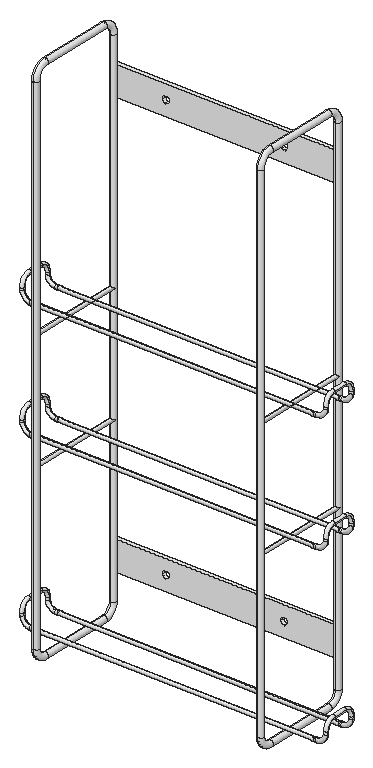
Revit family "Käsinepakkausteline", category Casework, Revit 2015
Parameters (values of type "9599")
  URL = "http://www.korpinen.com/"
  Type Comments = ""
  NominalLength = 0.0 mm
  NominalHeight = 0.0 mm
  NominalDepth = 0.0 mm
  Model = "Käsipakkausteline"
  Manufacturer = "Korpinen"
  Keynote = "9599"
  IfcExportType = ""
  IfcExportAs = ""
  IfcClassification = ""
  Depth = 87.0 mm
  Height = 455.0 mm
  Width = 260.0 mm
  Author = "ProdLib Oy"
Reference planes
  plane 1 "Back": y = -522.6
  plane 2: z = 0
  plane 3 "Center (Left/Right)": x = 18.738
  plane 4 "Left": x = -111.262
  plane 5 "Right": x = 148.738
  plane 6 "Front": y = -609.6
  plane 7 "Top": z = 455
  plane 8: x = -76.262
  plane 9: x = 113.738
  plane 10: z = 452.5
  plane 11: z = 2.5
  plane 12: y = -525.1
  plane 13: y = -607.1
  plane 14: y = -597.1
  plane 15: z = 442.5
  plane 16: z = 12.5
  plane 17: y = -535.1
  plane 18: z = 450
  plane 19: y = -597.1
  plane 20: z = 442.5
  plane 21: z = 12.5
  plane 22: y = -535.1
  plane 23: z = 450
  plane 24: z = 420
  plane 25: z = 250
  plane 26: z = 150
  plane 27: z = 395
  plane 28: z = 35
  plane 29: z = 60
  plane 30: z = 251.5
  plane 31: z = 151.5
  plane 32: z = 253
  plane 33: z = 153
  plane 34: y = -579.6
  plane 35: y = -552.6
  plane 36: z = 254.5
  plane 37: z = 154.5
  plane 38: x = -100.262
  plane 39: x = 137.738
  plane 40: z = 270
  plane 41: z = 260.5
  plane 42: x = -109.762
  plane 43: x = -109.762
  plane 44: x = -109.762
  plane 45: x = -109.762
  plane 46: x = 147.238
  plane 47: x = 147.238
  plane 48: x = 147.238
  plane 49: x = 147.238
  plane 50: y = -572.1
  plane 51: y = -560.1
  plane 52: y = -572.1
  plane 53: y = -560.1
  plane 54: y = -572.1
  plane 55: y = -560.1
  plane 56: y = -572.1
  plane 57: y = -560.1
  plane 58: z = 6.5
  plane 59: z = 8
  plane 60: x = -109.762
  plane 61: x = -109.762
  plane 62: x = 147.238
  plane 63: x = 147.238
  plane 64: y = -572.1
  plane 65: y = -560.1
  plane 66: y = -572.1
  plane 67: y = -560.1
  plane 68: x = -31.262
  plane 69: x = 68.738
  plane 70: z = 407.5
  plane 71: z = 47.5
  plane 72: x = -34.262
  plane 73: x = -28.262
  plane 74: x = 71.738
  plane 75: x = 65.738
Forms (mm)
  Sweep 1, solid, material "Aluminium"
    path origin (148.738, 0, 0) x (0, -1, 0) y (0, 0, 1)
      loop
        arc (535.1, 452.5) -> (528.029, 449.571) -> (525.1, 442.5) r 10
        line (525.1, 442.5) -> (525.1, 12.5)
        arc (525.1, 12.5) -> (528.029, 5.429) -> (535.1, 2.5) r 10
        line (535.1, 2.5) -> (597.1, 2.5)
        arc (597.1, 2.5) -> (604.171, 5.429) -> (607.1, 12.5) r 10
        line (607.1, 12.5) -> (607.1, 442.5)
        arc (607.1, 442.5) -> (604.171, 449.571) -> (597.1, 452.5) r 10
        line (597.1, 452.5) -> (535.1, 452.5)
    profile origin (148.738, -566.1, 452.5) x (0, 0, 1) y (-1, 0, 0)
      loop
        circle (0, 35) r 2.5
  Sweep 2, solid, material "Aluminium"
    path origin (148.738, 0, 0) x (0, -1, 0) y (0, 0, 1)
      loop
        arc (535.1, 452.5) -> (528.029, 449.571) -> (525.1, 442.5) r 10
        line (525.1, 442.5) -> (525.1, 12.5)
        arc (525.1, 12.5) -> (528.029, 5.429) -> (535.1, 2.5) r 10
        line (535.1, 2.5) -> (597.1, 2.5)
        arc (597.1, 2.5) -> (604.171, 5.429) -> (607.1, 12.5) r 10
        line (607.1, 12.5) -> (607.1, 442.5)
        arc (607.1, 442.5) -> (604.171, 449.571) -> (597.1, 452.5) r 10
        line (597.1, 452.5) -> (535.1, 452.5)
    profile origin (148.738, -566.1, 452.5) x (0, 0, 1) y (-1, 0, 0)
      loop
        circle (0, 225) r 2.5
  Extrusion 3, solid, material "Aluminium"
    sketch origin (0, -609.6, 0) x (1, 0, 0) y (0, 0, 1)
      loop
        line (-76.262, 420) -> (-76.262, 395) -> (113.738, 395) -> (113.738, 420) -> (-76.262, 420)
    from -87 to -84.5
  Extrusion 4, solid, material "Aluminium"
    sketch origin (0, -609.6, 0) x (1, 0, 0) y (0, 0, 1)
      loop
        line (-76.262, 60) -> (-76.262, 35) -> (113.738, 35) -> (113.738, 60) -> (-76.262, 60)
    from -87 to -84.5
  Sweep 5, solid, material "Aluminium"
    path origin (148.738, 0, 0) x (0, -1, 0) y (0, 0, 1)
      loop
        line (607.1, 250) -> (525.1, 250)
    profile origin (148.738, -566.1, 250) x (0, 0, -1) y (-1, 0, 0)
      loop
        circle (0, 35) r 1.5
  Sweep 6, solid, material "Aluminium"
    path origin (148.738, 0, 0) x (0, -1, 0) y (0, 0, 1)
      loop
        line (525.1, 150) -> (607.1, 150)
    profile origin (148.738, -566.1, 150) x (0, 0, 1) y (-1, 0, 0)
      loop
        circle (0, 35) r 1.5
  Sweep 7, solid, material "Aluminium"
    path origin (-41.262, 0, 0) x (0, -1, 0) y (0, 0, 1)
      loop
        line (525.1, 150) -> (607.1, 150)
    profile origin (-41.262, -566.1, 150) x (0, 0, 1) y (-1, 0, 0)
      loop
        circle (0, 35) r 1.5
  Sweep 8, solid, material "Aluminium"
    path origin (-41.262, 0, 0) x (0, -1, 0) y (0, 0, 1)
      loop
        line (607.1, 250) -> (525.1, 250)
    profile origin (-41.262, -566.1, 250) x (0, 0, -1) y (-1, 0, 0)
      loop
        circle (0, 35) r 1.5
  Extrusion 9, solid, material "Aluminium"
    sketch origin (148.738, 0, 0) x (0, -1, 0) y (0, 0, 1)
      loop
        circle (579.6, 253) r 1.5
      loop
        circle (552.6, 253) r 1.5
      loop
        circle (579.6, 153) r 1.5
      loop
        circle (552.6, 153) r 1.5
      loop
        circle (579.6, 6.5) r 1.5
      loop
        circle (552.6, 6.5) r 1.5
    from 11 to 249
  Sweep 10, solid, material "Aluminium"
    path origin (0, -609.6, 0) x (1, 0, 0) y (0, 0, 1)
      loop
        line (-100.262, 253) -> (-102.262, 253)
        arc (-102.262, 253) -> (-107.566, 255.197) -> (-109.762, 260.5) r 7.5
    profile origin (-101.262, -609.6, 253) x (0, 0, -1) y (0, -1, 0)
      loop
        circle (0, -30) r 1.5
  Sweep 11, solid, material "Aluminium"
    path origin (0, -582.6, 0) x (1, 0, 0) y (0, 0, 1)
      loop
        line (-100.262, 253) -> (-102.262, 253)
        arc (-102.262, 253) -> (-107.566, 255.197) -> (-109.762, 260.5) r 7.5
    profile origin (-101.262, -582.6, 253) x (0, 0, -1) y (0, -1, 0)
      loop
        circle (0, -30) r 1.5
  Sweep 12, solid, material "Aluminium"
    path origin (0, -582.6, -100) x (1, 0, 0) y (0, 0, 1)
      loop
        line (-100.262, 253) -> (-102.262, 253)
        arc (-102.262, 253) -> (-107.566, 255.197) -> (-109.762, 260.5) r 7.5
    profile origin (-101.262, -582.6, 153) x (0, 0, -1) y (0, -1, 0)
      loop
        circle (0, -30) r 1.5
  Sweep 13, solid, material "Aluminium"
    path origin (0, -609.6, -100) x (1, 0, 0) y (0, 0, 1)
      loop
        line (-100.262, 253) -> (-102.262, 253)
        arc (-102.262, 253) -> (-107.566, 255.197) -> (-109.762, 260.5) r 7.5
    profile origin (-101.262, -609.6, 153) x (0, 0, -1) y (0, -1, 0)
      loop
        circle (0, -30) r 1.5
  Sweep 14, solid, material "Aluminium"
    path origin (0, -609.6, 0) x (1, 0, 0) y (0, 0, 1)
      loop
        line (137.738, 253) -> (139.738, 253)
        arc (139.738, 253) -> (145.041, 255.197) -> (147.238, 260.5) r 7.5
    profile origin (138.738, -609.6, 253) x (0, 0, 1) y (0, -1, 0)
      loop
        circle (0, -57) r 1.5
  Sweep 15, solid, material "Aluminium"
    path origin (0, -636.6, 0) x (1, 0, 0) y (0, 0, 1)
      loop
        line (137.738, 253) -> (139.738, 253)
        arc (139.738, 253) -> (145.041, 255.197) -> (147.238, 260.5) r 7.5
    profile origin (138.738, -636.6, 253) x (0, 0, 1) y (0, -1, 0)
      loop
        circle (0, -57) r 1.5
  Sweep 16, solid, material "Aluminium"
    path origin (0, -636.6, -100) x (1, 0, 0) y (0, 0, 1)
      loop
        line (137.738, 253) -> (139.738, 253)
        arc (139.738, 253) -> (145.041, 255.197) -> (147.238, 260.5) r 7.5
    profile origin (138.738, -636.6, 153) x (0, 0, 1) y (0, -1, 0)
      loop
        circle (0, -57) r 1.5
  Sweep 17, solid, material "Aluminium"
    path origin (0, -609.6, -100) x (1, 0, 0) y (0, 0, 1)
      loop
        line (137.738, 253) -> (139.738, 253)
        arc (139.738, 253) -> (145.041, 255.197) -> (147.238, 260.5) r 7.5
    profile origin (138.738, -609.6, 153) x (0, 0, 1) y (0, -1, 0)
      loop
        circle (0, -57) r 1.5
  Sweep 18, solid, material "Aluminium"
    path origin (148.738, 0, 0) x (0, -1, 0) y (0, 0, 1)
      loop
        line (579.6, 260.5) -> (579.6, 262.5)
        arc (579.6, 262.5) -> (577.403, 267.803) -> (572.1, 270) r 7.5
        line (572.1, 270) -> (560.1, 270)
        arc (560.1, 270) -> (554.797, 267.803) -> (552.6, 262.5) r 7.5
        line (552.6, 262.5) -> (552.6, 260.5)
    profile origin (148.738, -579.6, 261.5) x (0, 1, 0) y (-1, 0, 0)
      loop
        circle (0, 1.5) r 1.5
  Sweep 19, solid, material "Aluminium"
    path origin (148.738, 0, -100) x (0, -1, 0) y (0, 0, 1)
      loop
        line (579.6, 260.5) -> (579.6, 262.5)
        arc (579.6, 262.5) -> (577.403, 267.803) -> (572.1, 270) r 7.5
        line (572.1, 270) -> (560.1, 270)
        arc (560.1, 270) -> (554.797, 267.803) -> (552.6, 262.5) r 7.5
        line (552.6, 262.5) -> (552.6, 260.5)
    profile origin (148.738, -579.6, 161.5) x (0, 1, 0) y (-1, 0, 0)
      loop
        circle (0, 1.5) r 1.5
  Sweep 20, solid, material "Aluminium"
    path origin (-108.262, 0, 0) x (0, -1, 0) y (0, 0, 1)
      loop
        line (579.6, 260.5) -> (579.6, 262.5)
        arc (579.6, 262.5) -> (577.403, 267.803) -> (572.1, 270) r 7.5
        line (572.1, 270) -> (560.1, 270)
        arc (560.1, 270) -> (554.797, 267.803) -> (552.6, 262.5) r 7.5
        line (552.6, 262.5) -> (552.6, 260.5)
    profile origin (-108.262, -579.6, 261.5) x (0, 1, 0) y (-1, 0, 0)
      loop
        circle (0, 1.5) r 1.5
  Sweep 21, solid, material "Aluminium"
    path origin (-108.262, 0, -100) x (0, -1, 0) y (0, 0, 1)
      loop
        line (579.6, 260.5) -> (579.6, 262.5)
        arc (579.6, 262.5) -> (577.403, 267.803) -> (572.1, 270) r 7.5
        line (572.1, 270) -> (560.1, 270)
        arc (560.1, 270) -> (554.797, 267.803) -> (552.6, 262.5) r 7.5
        line (552.6, 262.5) -> (552.6, 260.5)
    profile origin (-108.262, -579.6, 161.5) x (0, 1, 0) y (-1, 0, 0)
      loop
        circle (0, 1.5) r 1.5
  Sweep 22, solid, material "Aluminium"
    path origin (0, -582.6, -246.5) x (1, 0, 0) y (0, 0, 1)
      loop
        line (-100.262, 253) -> (-102.262, 253)
        arc (-102.262, 253) -> (-107.566, 255.197) -> (-109.762, 260.5) r 7.5
    profile origin (-101.262, -582.6, 6.5) x (0, 0, -1) y (0, -1, 0)
      loop
        circle (0, -30) r 1.5
  Sweep 23, solid, material "Aluminium"
    path origin (0, -609.6, -246.5) x (1, 0, 0) y (0, 0, 1)
      loop
        line (-100.262, 253) -> (-102.262, 253)
        arc (-102.262, 253) -> (-107.566, 255.197) -> (-109.762, 260.5) r 7.5
    profile origin (-101.262, -609.6, 6.5) x (0, 0, -1) y (0, -1, 0)
      loop
        circle (0, -30) r 1.5
  Sweep 24, solid, material "Aluminium"
    path origin (0, -636.6, -246.5) x (1, 0, 0) y (0, 0, 1)
      loop
        line (137.738, 253) -> (139.738, 253)
        arc (139.738, 253) -> (145.041, 255.197) -> (147.238, 260.5) r 7.5
    profile origin (138.738, -636.6, 6.5) x (0, 0, 1) y (0, -1, 0)
      loop
        circle (0, -57) r 1.5
  Sweep 25, solid, material "Aluminium"
    path origin (0, -609.6, -246.5) x (1, 0, 0) y (0, 0, 1)
      loop
        line (137.738, 253) -> (139.738, 253)
        arc (139.738, 253) -> (145.041, 255.197) -> (147.238, 260.5) r 7.5
    profile origin (138.738, -609.6, 6.5) x (0, 0, 1) y (0, -1, 0)
      loop
        circle (0, -57) r 1.5
  Sweep 26, solid, material "Aluminium"
    path origin (148.738, 0, -246.5) x (0, -1, 0) y (0, 0, 1)
      loop
        line (579.6, 260.5) -> (579.6, 262.5)
        arc (579.6, 262.5) -> (577.403, 267.803) -> (572.1, 270) r 7.5
        line (572.1, 270) -> (560.1, 270)
        arc (560.1, 270) -> (554.797, 267.803) -> (552.6, 262.5) r 7.5
        line (552.6, 262.5) -> (552.6, 260.5)
    profile origin (148.738, -579.6, 15) x (0, 1, 0) y (-1, 0, 0)
      loop
        circle (0, 1.5) r 1.5
  Sweep 27, solid, material "Aluminium"
    path origin (-108.262, 0, -246.5) x (0, -1, 0) y (0, 0, 1)
      loop
        line (579.6, 260.5) -> (579.6, 262.5)
        arc (579.6, 262.5) -> (577.403, 267.803) -> (572.1, 270) r 7.5
        line (572.1, 270) -> (560.1, 270)
        arc (560.1, 270) -> (554.797, 267.803) -> (552.6, 262.5) r 7.5
        line (552.6, 262.5) -> (552.6, 260.5)
    profile origin (-108.262, -579.6, 15) x (0, 1, 0) y (-1, 0, 0)
      loop
        circle (0, 1.5) r 1.5
  Extrusion 28, void
    sketch origin (0, -609.6, 0) x (1, 0, 0) y (0, 0, 1)
      loop
        circle (-31.262, 407.5) r 3
      loop
        circle (68.738, 407.5) r 3
      loop
        circle (-31.262, 47.5) r 3
      loop
        circle (68.738, 47.5) r 3
    from -87 to -84.5
Cuts and joins
  Extrusion 28 cuts Extrusion 3
  Extrusion 28 cuts Extrusion 4
Lines and regions (mm)
  symbolic lines
    curve 1: arc (-76.262, -609.6, 0) -> (-74.495, -609.6, 0.732) -> (-73.762, -609.6, 2.5) r 2.5
    curve 2: arc (-76.262, -609.6, 0) -> (-78.03, -609.6, 0.732) -> (-78.762, -609.6, 2.5) r 2.5
    curve 3: arc (-76.262, -609.6, 455) -> (-78.03, -609.6, 454.268) -> (-78.762, -609.6, 452.5) r 2.5
    curve 4: arc (-76.262, -609.6, 455) -> (-74.495, -609.6, 454.268) -> (-73.762, -609.6, 452.5) r 2.5
    curve 5: arc (113.738, -609.6, 455) -> (111.97, -609.6, 454.268) -> (111.238, -609.6, 452.5) r 2.5
    curve 6: arc (113.738, -609.6, 455) -> (115.505, -609.6, 454.268) -> (116.238, -609.6, 452.5) r 2.5
    curve 7: arc (113.738, -609.6, 0) -> (115.505, -609.6, 0.732) -> (116.238, -609.6, 2.5) r 2.5
    curve 8: arc (113.738, -609.6, 0) -> (111.97, -609.6, 0.732) -> (111.238, -609.6, 2.5) r 2.5
    curve 9: line (-78.762, -609.6, 2.5) -> (-78.762, -609.6, 452.5)
    curve 10: line (-73.762, -609.6, 452.5) -> (-73.762, -609.6, 2.5)
    curve 11: line (111.238, -609.6, 2.5) -> (111.238, -609.6, 452.5)
    curve 12: line (116.238, -609.6, 452.5) -> (116.238, -609.6, 2.5)
    curve 13: line (-73.762, -609.6, 60) -> (111.238, -609.6, 60)
    curve 14: line (111.238, -609.6, 35) -> (-73.762, -609.6, 35)
    curve 15: arc (-34.262, -609.6, 47.5) -> (-31.262, -609.6, 44.5) -> (-28.262, -609.6, 47.5) r 3
    curve 16: arc (-28.262, -609.6, 47.5) -> (-31.262, -609.6, 50.5) -> (-34.262, -609.6, 47.5) r 3
    curve 17: arc (71.738, -609.6, 47.5) -> (68.738, -609.6, 44.5) -> (65.738, -609.6, 47.5) r 3
    curve 18: arc (65.738, -609.6, 47.5) -> (68.738, -609.6, 50.5) -> (71.738, -609.6, 47.5) r 3
    curve 19: line (-111.262, -609.6, 14) -> (-108.262, -609.6, 14)
    curve 20: line (-108.262, -609.6, 14) -> (-108.262, -609.6, 23.528)
    curve 21: arc (-108.262, -609.6, 23.528) -> (-109.762, -609.6, 25.028) -> (-111.262, -609.6, 23.528) r 1.5
    curve 22: line (-111.262, -609.6, 23.528) -> (-111.262, -609.6, 14)
    curve 23: arc (-108.262, -609.6, 14) -> (-106.505, -609.6, 9.757) -> (-102.262, -609.6, 8) r 6
    curve 24: line (-102.262, -609.6, 8) -> (-78.762, -609.6, 8)
    curve 25: arc (-111.262, -609.6, 14) -> (-108.626, -609.6, 7.636) -> (-102.262, -609.6, 5) r 9
    curve 26: line (-102.262, -609.6, 5) -> (-78.762, -609.6, 5)
    curve 27: line (-73.762, -609.6, 8) -> (111.238, -609.6, 8)
    curve 28: line (145.738, -609.6, 14) -> (148.738, -609.6, 14)
    curve 29: line (148.738, -609.6, 14) -> (148.738, -609.6, 23.456)
    curve 30: arc (148.738, -609.6, 23.456) -> (147.238, -609.6, 24.956) -> (145.738, -609.6, 23.456) r 1.5
    curve 31: line (145.738, -609.6, 23.456) -> (145.738, -609.6, 14)
    curve 32: arc (145.738, -609.6, 14) -> (143.98, -609.6, 9.757) -> (139.738, -609.6, 8) r 6
    curve 33: line (139.738, -609.6, 8) -> (116.238, -609.6, 8)
    curve 34: arc (148.738, -609.6, 14) -> (146.102, -609.6, 7.636) -> (139.738, -609.6, 5) r 9
    curve 35: line (139.738, -609.6, 5) -> (116.238, -609.6, 5)
    curve 36: line (111.238, -609.6, 5) -> (-73.762, -609.6, 5)
    curve 37: line (-73.762, -609.6, 420) -> (111.238, -609.6, 420)
    curve 38: line (-73.762, -609.6, 395) -> (111.238, -609.6, 395)
    curve 39: arc (-34.262, -609.6, 407.5) -> (-31.262, -609.6, 404.5) -> (-28.262, -609.6, 407.5) r 3
    curve 40: arc (-28.262, -609.6, 407.5) -> (-31.262, -609.6, 410.5) -> (-34.262, -609.6, 407.5) r 3
    curve 41: arc (65.738, -609.6, 407.5) -> (68.738, -609.6, 404.5) -> (71.738, -609.6, 407.5) r 3
    curve 42: arc (71.738, -609.6, 407.5) -> (68.738, -609.6, 410.5) -> (65.738, -609.6, 407.5) r 3
    curve 43: line (148.738, -609.6, 160.5) -> (145.738, -609.6, 160.5)
    curve 44: line (145.738, -609.6, 160.5) -> (145.738, -609.6, 170.013)
    curve 45: arc (145.738, -609.6, 170.013) -> (147.238, -609.6, 171.513) -> (148.738, -609.6, 170.013) r 1.5
    curve 46: line (148.738, -609.6, 170.013) -> (148.738, -609.6, 160.5)
    curve 47: arc (145.738, -609.6, 160.5) -> (143.98, -609.6, 156.257) -> (139.738, -609.6, 154.5) r 6
    curve 48: line (139.738, -609.6, 154.5) -> (116.238, -609.6, 154.5)
    curve 49: arc (148.738, -609.6, 160.5) -> (146.102, -609.6, 154.136) -> (139.738, -609.6, 151.5) r 9
    curve 50: line (139.738, -609.6, 151.5) -> (116.238, -609.6, 151.5)
    curve 51: line (139.738, -609.6, 154.5) -> (139.738, -609.6, 151.5)
    curve 52: line (139.738, -609.6, 8) -> (139.738, -609.6, 5)
    curve 53: line (-102.262, -609.6, 8) -> (-102.262, -609.6, 5)
    curve 54: line (-111.262, -609.6, 160.5) -> (-108.262, -609.6, 160.5)
    curve 55: line (-108.262, -609.6, 160.5) -> (-108.262, -609.6, 170.023)
    curve 56: arc (-108.262, -609.6, 170.023) -> (-109.762, -609.6, 171.523) -> (-111.262, -609.6, 170.023) r 1.5
    curve 57: line (-111.262, -609.6, 170.023) -> (-111.262, -609.6, 160.5)
    curve 58: arc (-108.262, -609.6, 160.5) -> (-106.505, -609.6, 156.257) -> (-102.262, -609.6, 154.5) r 6
    curve 59: line (-102.262, -609.6, 154.5) -> (-78.762, -609.6, 154.5)
    curve 60: arc (-111.262, -609.6, 160.5) -> (-108.626, -609.6, 154.136) -> (-102.262, -609.6, 151.5) r 9
    curve 61: line (-102.262, -609.6, 151.5) -> (-78.762, -609.6, 151.5)
    curve 62: line (-73.762, -609.6, 154.5) -> (111.238, -609.6, 154.5)
    curve 63: line (111.238, -609.6, 151.5) -> (-73.762, -609.6, 151.5)
    curve 64: line (-73.762, -609.6, 254.5) -> (111.238, -609.6, 254.5)
    curve 65: line (111.238, -609.6, 251.5) -> (-73.762, -609.6, 251.5)
    curve 66: line (-111.262, -609.6, 260.5) -> (-108.262, -609.6, 260.5)
    curve 67: line (-108.262, -609.6, 260.5) -> (-108.262, -609.6, 270)
    curve 68: arc (-108.262, -609.6, 270) -> (-109.762, -609.6, 271.5) -> (-111.262, -609.6, 270) r 1.5
    curve 69: line (-111.262, -609.6, 270) -> (-111.262, -609.6, 260.5)
    curve 70: arc (-108.262, -609.6, 260.5) -> (-106.505, -609.6, 256.257) -> (-102.262, -609.6, 254.5) r 6
    curve 71: line (-102.262, -609.6, 254.5) -> (-78.762, -609.6, 254.5)
    curve 72: arc (-111.262, -609.6, 260.5) -> (-108.626, -609.6, 254.136) -> (-102.262, -609.6, 251.5) r 9
    curve 73: line (-102.262, -609.6, 251.5) -> (-78.762, -609.6, 251.5)
    curve 74: line (145.738, -609.6, 260.5) -> (148.738, -609.6, 260.5)
    curve 75: line (148.738, -609.6, 260.5) -> (148.738, -609.6, 270)
    curve 76: arc (148.738, -609.6, 270) -> (147.238, -609.6, 271.5) -> (145.738, -609.6, 270) r 1.5
    curve 77: line (145.738, -609.6, 270) -> (145.738, -609.6, 260.5)
    curve 78: arc (145.738, -609.6, 260.5) -> (143.98, -609.6, 256.257) -> (139.738, -609.6, 254.5) r 6
    curve 79: line (139.738, -609.6, 254.5) -> (116.238, -609.6, 254.5)
    curve 80: arc (148.738, -609.6, 260.5) -> (146.102, -609.6, 254.136) -> (139.738, -609.6, 251.5) r 9
    curve 81: line (139.738, -609.6, 251.5) -> (116.238, -609.6, 251.5)
    curve 82: line (139.738, -609.6, 254.5) -> (139.738, -609.6, 251.5)
    curve 83: line (-102.262, -609.6, 254.5) -> (-102.262, -609.6, 251.5)
    curve 84: line (-102.262, -609.6, 154.5) -> (-102.262, -609.6, 151.5)
    curve 85: arc (148.738, -581.1, 6.5) -> (148.738, -579.6, 5) -> (148.738, -578.1, 6.5) r 1.5
    curve 86: line (148.738, -578.1, 6.5) -> (148.738, -578.1, 14)
    curve 87: arc (148.738, -554.1, 6.5) -> (148.738, -552.6, 5) -> (148.738, -551.1, 6.5) r 1.5
    curve 88: line (148.738, -551.1, 6.5) -> (148.738, -551.1, 14)
    curve 89: line (148.738, -551.1, 14) -> (148.738, -554.1, 14)
    curve 90: line (148.738, -554.1, 14) -> (148.738, -554.1, 6.5)
    curve 91: line (148.738, -578.1, 14) -> (148.738, -581.1, 14)
    curve 92: line (148.738, -581.1, 14) -> (148.738, -581.1, 6.5)
    curve 93: line (148.738, -578.1, 14) -> (148.738, -578.1, 15.997)
    curve 94: arc (148.738, -578.1, 15.997) -> (148.738, -576.341, 20.243) -> (148.738, -572.096, 22.001) r 6.004
    curve 95: line (148.738, -554.1, 14) -> (148.738, -554.1, 16.01)
    curve 96: arc (148.738, -554.1, 16.01) -> (148.738, -555.855, 20.247) -> (148.738, -560.092, 22.001) r 5.992
    curve 97: line (148.738, -560.092, 22.001) -> (148.738, -572.096, 22.001)
    curve 98: line (148.738, -581.1, 14) -> (148.738, -581.1, 15.972)
    curve 99: arc (148.738, -581.1, 15.972) -> (148.738, -578.462, 22.34) -> (148.738, -572.094, 24.978) r 9.006
    curve 100: line (148.738, -551.1, 14) -> (148.738, -551.1, 15.98)
    curve 101: arc (148.738, -551.1, 15.98) -> (148.738, -553.735, 22.343) -> (148.738, -560.097, 24.978) r 8.997
    curve 102: line (148.738, -560.097, 24.978) -> (148.738, -572.094, 24.978)
    curve 103: line (148.738, -578.1, 153) -> (148.738, -578.1, 160.5)
    curve 104: line (148.738, -578.1, 160.5) -> (148.738, -581.1, 160.5)
    curve 105: line (148.738, -581.1, 160.5) -> (148.738, -581.1, 153)
    curve 106: arc (148.738, -581.1, 153) -> (148.738, -579.6, 151.5) -> (148.738, -578.1, 153) r 1.5
    curve 107: arc (148.738, -554.1, 153) -> (148.738, -552.6, 151.5) -> (148.738, -551.1, 153) r 1.5
    curve 108: line (148.738, -551.1, 153) -> (148.738, -551.1, 160.5)
    curve 109: line (148.738, -551.1, 160.5) -> (148.738, -554.1, 160.5)
    curve 110: line (148.738, -554.1, 160.5) -> (148.738, -554.1, 153)
    curve 111: line (148.738, -554.1, 160.5) -> (148.738, -554.1, 162.486)
    curve 112: arc (148.738, -554.1, 162.486) -> (148.738, -555.864, 166.746) -> (148.738, -560.124, 168.51) r 6.024
    curve 113: line (148.738, -578.1, 160.5) -> (148.738, -578.1, 162.531)
    curve 114: arc (148.738, -578.1, 162.531) -> (148.738, -576.349, 166.759) -> (148.738, -572.121, 168.51) r 5.979
    curve 115: line (148.738, -572.121, 168.51) -> (148.738, -560.124, 168.51)
    curve 116: line (148.738, -581.1, 160.5) -> (148.738, -581.1, 162.531)
    curve 117: arc (148.738, -581.1, 162.531) -> (148.738, -578.469, 168.882) -> (148.738, -572.118, 171.513) r 8.982
    curve 118: line (148.738, -551.1, 160.5) -> (148.738, -551.1, 162.473)
    curve 119: arc (148.738, -551.1, 162.473) -> (148.738, -553.748, 168.865) -> (148.738, -560.14, 171.513) r 9.04
    curve 120: line (148.738, -560.14, 171.513) -> (148.738, -572.118, 171.513)
    curve 121: line (148.738, -581.1, 253) -> (148.738, -581.1, 260.5)
    curve 122: line (148.738, -581.1, 260.5) -> (148.738, -578.1, 260.5)
    curve 123: line (148.738, -578.1, 260.5) -> (148.738, -578.1, 253)
    curve 124: arc (148.738, -578.1, 253) -> (148.738, -579.6, 251.5) -> (148.738, -581.1, 253) r 1.5
    curve 125: arc (148.738, -554.1, 253) -> (148.738, -552.6, 251.5) -> (148.738, -551.1, 253) r 1.5
    curve 126: line (148.738, -551.1, 253) -> (148.738, -551.1, 260.5)
    curve 127: line (148.738, -551.1, 260.5) -> (148.738, -554.1, 260.5)
    curve 128: line (148.738, -554.1, 260.5) -> (148.738, -554.1, 253)
    curve 129: line (148.738, -554.1, 260.5) -> (148.738, -554.1, 262.513)
    curve 130: arc (148.738, -554.1, 262.513) -> (148.738, -555.848, 266.733) -> (148.738, -560.068, 268.481) r 5.968
    curve 131: line (148.738, -578.1, 260.5) -> (148.738, -578.1, 262.502)
    curve 132: arc (148.738, -578.1, 262.502) -> (148.738, -576.349, 266.73) -> (148.738, -572.121, 268.481) r 5.979
    curve 133: line (148.738, -572.121, 268.481) -> (148.738, -560.068, 268.481)
    curve 134: line (148.738, -551.1, 260.5) -> (148.738, -551.1, 262.464)
    curve 135: arc (148.738, -551.1, 262.464) -> (148.738, -553.756, 268.877) -> (148.738, -560.169, 271.533) r 9.069
    curve 136: line (148.738, -581.1, 260.5) -> (148.738, -581.1, 262.502)
    curve 137: arc (148.738, -581.1, 262.502) -> (148.738, -578.455, 268.888) -> (148.738, -572.069, 271.533) r 9.031
    curve 138: line (148.738, -572.069, 271.533) -> (148.738, -560.169, 271.533)
    curve 139: line (148.738, -552.6, 5) -> (148.738, -535.132, 5)
    curve 140: arc (148.738, -535.132, 5) -> (148.738, -529.83, 7.196) -> (148.738, -527.634, 12.498) r 7.498
    curve 141: line (148.738, -527.634, 12.498) -> (148.738, -527.634, 148.477)
    curve 142: line (148.738, -527.634, 148.477) -> (148.738, -604.598, 148.477)
    curve 143: line (148.738, -604.598, 148.477) -> (148.738, -604.598, 12.798)
    curve 144: arc (148.738, -604.598, 12.798) -> (148.738, -602.319, 7.295) -> (148.738, -596.816, 5.016) r 7.782
    curve 145: line (148.738, -596.816, 5.016) -> (148.738, -552.601, 5)
    curve 146: line (148.738, -552.6, 0) -> (148.738, -535.039, 0)
    curve 147: arc (148.738, -535.039, 0) -> (148.738, -526.243, 3.643) -> (148.738, -522.6, 12.439) r 12.439
    curve 148: line (148.738, -522.6, 12.439) -> (148.738, -522.6, 442.439)
    curve 149: arc (148.738, -522.6, 442.439) -> (148.738, -526.279, 451.321) -> (148.738, -535.161, 455) r 12.561
    curve 150: line (148.738, -535.161, 455) -> (148.738, -597.646, 455)
    curve 151: arc (148.738, -597.646, 455) -> (148.738, -606.099, 451.499) -> (148.738, -609.6, 443.046) r 11.954
    curve 152: line (148.738, -609.6, 443.046) -> (148.738, -609.6, 11.874)
    curve 153: arc (148.738, -609.6, 11.874) -> (148.738, -606.122, 3.478) -> (148.738, -597.726, 0) r 11.874
    curve 154: line (148.738, -597.726, 0) -> (148.738, -552.6, 0)
    curve 155: line (148.738, -604.597, 151.5) -> (148.738, -527.6, 151.5)
    curve 156: line (148.738, -527.6, 151.5) -> (148.738, -527.6, 248.461)
    curve 157: line (148.738, -527.6, 248.461) -> (148.738, -604.597, 248.461)
    curve 158: line (148.738, -604.597, 248.461) -> (148.738, -604.597, 151.5)
    curve 159: line (148.738, -604.585, 251.5) -> (148.738, -527.602, 251.5)
    curve 160: line (148.738, -527.602, 251.5) -> (148.738, -527.602, 441.5)
    curve 161: arc (148.738, -527.602, 441.5) -> (148.738, -530.093, 447.515) -> (148.738, -536.108, 450.006) r 8.506
    curve 162: line (148.738, -536.108, 450.006) -> (148.738, -597.081, 450.006)
    curve 163: arc (148.738, -597.081, 450.006) -> (148.738, -602.387, 447.809) -> (148.738, -604.585, 442.503) r 7.503
    curve 164: line (148.738, -604.585, 442.503) -> (148.738, -604.585, 251.5)
    curve 165: arc (-76.262, -609.6, 0) -> (-74.495, -608.868, 0) -> (-73.762, -607.1, 0) r 2.5
    curve 166: arc (-76.262, -609.6, 0) -> (-78.03, -608.868, 0) -> (-78.762, -607.1, 0) r 2.5
    curve 167: arc (113.738, -609.6, 0) -> (115.505, -608.868, 0) -> (116.238, -607.1, 0) r 2.5
    curve 168: arc (113.738, -609.6, 0) -> (111.97, -608.868, 0) -> (111.238, -607.1, 0) r 2.5
    curve 169: arc (113.738, -522.6, 0) -> (115.505, -523.332, 0) -> (116.238, -525.1, 0) r 2.5
    curve 170: arc (-76.262, -522.6, 0) -> (-78.03, -523.332, 0) -> (-78.762, -525.1, 0) r 2.5
    curve 171: line (111.238, -607.1, 0) -> (111.238, -525.1, 0)
    curve 172: line (-73.762, -607.1, 0) -> (-73.762, -525.1, 0)
    curve 173: line (-73.762, -525.1, 0) -> (111.238, -525.1, 0)
    curve 174: line (113.738, -522.6, 0) -> (-76.262, -522.6, 0)
    curve 175: line (-78.762, -525.1, 0) -> (-78.762, -607.1, 0)
    curve 176: line (116.238, -607.1, 0) -> (116.238, -525.1, 0)
    curve 177: line (147.238, -551.1, 0) -> (116.238, -551.1, 0)
    curve 178: line (147.238, -581.1, 0) -> (116.238, -581.1, 0)
    curve 179: line (-111.262, -552.6, 0) -> (-111.262, -579.6, 0)
    curve 180: arc (-111.262, -579.6, 0) -> (-109.762, -581.1, 0) -> (-108.262, -579.6, 0) r 1.5
    curve 181: line (-108.262, -579.6, 0) -> (-108.262, -552.6, 0)
    curve 182: arc (-108.262, -552.6, 0) -> (-109.762, -551.1, 0) -> (-111.262, -552.6, 0) r 1.5
    curve 183: arc (145.738, -552.6, 0) -> (147.238, -551.1, 0) -> (148.738, -552.6, 0) r 1.5
    curve 184: line (148.738, -552.6, 0) -> (148.738, -579.6, 0)
    curve 185: arc (148.738, -579.6, 0) -> (147.238, -581.1, 0) -> (145.738, -579.6, 0) r 1.5
    curve 186: line (145.738, -579.6, 0) -> (145.738, -552.6, 0)
    curve 187: line (137.738, -551.1, 0) -> (137.738, -554.1, 0)
    curve 188: line (137.738, -554.1, 0) -> (116.238, -554.1, 0)
    curve 189: line (137.738, -554.1, 0) -> (145.738, -554.1, 0)
    curve 190: line (137.738, -581.1, 0) -> (137.738, -578.1, 0)
    curve 191: line (137.738, -578.1, 0) -> (116.238, -578.1, 0)
    curve 192: line (137.738, -578.1, 0) -> (145.738, -578.1, 0)
    curve 193: line (-100.262, -551.1, 0) -> (-100.262, -554.1, 0)
    curve 194: line (-100.262, -554.1, 0) -> (-78.762, -554.1, 0)
    curve 195: line (-100.262, -554.1, 0) -> (-108.262, -554.1, 0)
    curve 196: line (-100.262, -581.1, 0) -> (-100.262, -578.1, 0)
    curve 197: line (-100.262, -578.1, 0) -> (-78.762, -578.1, 0)
    curve 198: line (-100.262, -578.1, 0) -> (-108.262, -578.1, 0)
    curve 199: line (-109.762, -581.1, 0) -> (-78.762, -581.1, 0)
    curve 200: line (-109.762, -551.1, 0) -> (-78.762, -551.1, 0)
    curve 201: line (-73.762, -551.1, 0) -> (111.238, -551.1, 0)
    curve 202: line (111.238, -554.1, 0) -> (-73.762, -554.1, 0)
    curve 203: line (-73.762, -578.1, 0) -> (111.238, -578.1, 0)
    curve 204: line (111.238, -581.1, 0) -> (-73.762, -581.1, 0)
Dimensions and locks
  "Depth": plane 6 "Front" to plane 1 "Back"
  "Width": plane 4 "Left" to plane 5 "Right"
  equal spacing: plane 4 "Left", plane 3 "Center (Left/Right)", plane 5 "Right"
  "Height": level to plane 7 "Top"
  locked: plane 4 "Left" to plane 8 at 35
  locked: plane 9 to plane 5 "Right" at 35
  locked: plane 10 to plane 7 "Top" at 2.5
  locked: plane 11 to plane 2 at 2.5
  locked: plane 12 to plane 1 "Back" at 2.5
  locked: plane 6 "Front" to plane 13 at 2.5
  locked: plane 13 to plane 14 at 10
  locked: plane 17 to plane 12 at 10
  locked: plane 15 to plane 10 at 10
  locked: plane 16 to plane 11 at 10
  locked: plane 10 to plane 18 at 2.5
  locked: plane 24 to plane 7 "Top" at 35
  locked: plane 26 to plane 2 at 150
  locked: plane 26 to plane 25 at 100
  locked: plane 24 to plane 27 at 25
  locked: plane 29 to plane 28 at 25
  locked: plane 2 to plane 28 at 35
  level to Extrusion 4 = 60.0 mm
  locked: plane 31 to plane 30 at 100
  locked: plane 33 to plane 32 at 100
  locked: plane 34 to plane 35 at 27
  locked: plane 6 "Front" to plane 34 at 30
  locked: plane 37 to plane 36 at 100
  locked: plane 39 to plane 5 "Right" at 11
  plane 4 "Left" to plane 38 = 11.0 mm
  plane 36 to plane 32 to plane 30 = 1.5 mm locked, 1.5 mm locked
  plane 37 to plane 33 to plane 31 = 1.5 mm, 1.5 mm
  plane 40 to plane 32 = 17.0 mm
  plane 41 to plane 32 = 7.5 mm
  plane 42 to plane 4 "Left" = 1.5 mm
  locked: plane 5 "Right" to plane 46 at 1.5
  locked: plane 58 to plane 59 at 1.5
  locked: plane 58 to plane 11 at 4
  plane 69 to plane 3 "Center (Left/Right)" to plane 68 = 50.0 mm locked, 50.0 mm locked
  locked: plane 29 to plane 71 at 12.5
  locked: plane 24 to plane 70 at 12.5
  aligned and locked: plane 2 to level
  aligned and locked: plane 7 "Top" to Sweep 1 sketch curve
  aligned and locked: plane 18 to Sweep 1 sketch curve
  aligned and locked: plane 9 to Sweep 1 sketch curve  (x2)
  aligned and locked: Sweep 2 sketch curve to plane 23
  aligned and locked: plane 8 to Sweep 2 sketch curve  (x2)
  aligned and locked: plane 7 "Top" to Sweep 2 sketch curve
  aligned and locked: plane 24 to Extrusion 3
  aligned and locked: Extrusion 3 to plane 27
  aligned and locked: Extrusion 3 to plane 9
  aligned and locked: Extrusion 3 to plane 8
  aligned and locked: Extrusion 4 sketch curve to plane 29
  aligned and locked: plane 8 to Extrusion 4 sketch curve
  aligned and locked: Extrusion 4 sketch curve to plane 28
  aligned and locked: plane 9 to Extrusion 4 sketch curve
  aligned and locked: plane 9 to Sweep 5 sketch curve  (x2)
  aligned and locked: plane 9 to Sweep 6 sketch curve  (x2)
  aligned and locked: plane 8 to Sweep 8 sketch curve  (x2)
  aligned and locked: plane 8 to Sweep 7 sketch curve  (x2)
  aligned and locked: plane 35 to Extrusion 9 sketch curve  (x4)
  aligned and locked: plane 37 to Extrusion 9 sketch curve  (x2)
  aligned and locked: plane 31 to Extrusion 9 sketch curve  (x2)
  aligned and locked: plane 34 to Extrusion 9 sketch curve  (x4)
  aligned and locked: plane 30 to Extrusion 9 sketch curve  (x2)
  aligned and locked: plane 36 to Extrusion 9 sketch curve  (x2)
  aligned and locked: Extrusion 9 to plane 38
  aligned and locked: Extrusion 9 to plane 39
  aligned and locked: Extrusion 3 to plane 1 "Back"
  aligned and locked: Extrusion 3 to plane 12
  aligned and locked: Extrusion 4 to plane 12
  aligned and locked: Extrusion 4 to plane 1 "Back"
  aligned and locked: Extrusion 28 to plane 1 "Back"
  aligned and locked: Extrusion 28 to plane 12
Automatic sketch dimensions
  Sweep 1 sketch curve to plane 12 = 0.0 mm
  Sweep 1 sketch curve to plane 15 = 0.0 mm
  Sweep 1 sketch curve to plane 17 = 0.0 mm  (x2)
  Sweep 1 sketch curve to plane 11 = 0.0 mm
  Sweep 1 sketch curve to plane 14 = 0.0 mm  (x2)
  Sweep 1 sketch curve to plane 13 = 0.0 mm
  Sweep 2 sketch curve to plane 12 = 0.0 mm
  Sweep 2 sketch curve to plane 20 = 0.0 mm
  Sweep 2 sketch curve to plane 22 = 0.0 mm  (x2)
  Sweep 2 sketch curve to plane 11 = 0.0 mm
  Sweep 2 sketch curve to plane 19 = 0.0 mm  (x2)
  Sweep 2 sketch curve to plane 13 = 0.0 mm
  Extrusion 3 sketch curve to plane 8 = 0.0 mm
  plane 9 to Extrusion 3 sketch curve = 0.0 mm
  Extrusion 3 sketch curve to plane 27 = 0.0 mm
  Extrusion 3 sketch curve to plane 24 = 0.0 mm
  Sweep 5 sketch curve to plane 12 = 0.0 mm
  Sweep 5 sketch curve to plane 13 = 0.0 mm
  plane 25 to Sweep 5 sketch curve = 0.0 mm
  Sweep 5 sketch curve to Sweep 5 sketch curve = 0.0 mm
  Sweep 5 sketch curve to profile plane = 0.0 mm
  profile plane to Sweep 5 sketch curve = 1.5 mm
  Sweep 6 sketch curve to plane 12 = 0.0 mm
  Sweep 6 sketch curve to plane 13 = 0.0 mm
  Sweep 6 sketch curve to plane 26 = 0.0 mm
  Sweep 6 sketch curve to Sweep 6 sketch curve = 0.0 mm
  Sweep 6 sketch curve to profile plane = 0.0 mm
  Sweep 6 sketch curve to Sweep 6 sketch curve = 1.5 mm
  Sweep 7 sketch curve to plane 12 = 0.0 mm
  Sweep 7 sketch curve to plane 13 = 0.0 mm
  Sweep 7 sketch curve to plane 26 = 0.0 mm
  Sweep 7 sketch curve to Sweep 7 sketch curve = 0.0 mm
  Sweep 7 sketch curve to profile plane = 0.0 mm
  Sweep 7 sketch curve to Sweep 7 sketch curve = 1.5 mm
  Sweep 8 sketch curve to plane 12 = 0.0 mm
  Sweep 8 sketch curve to plane 13 = 0.0 mm
  plane 25 to Sweep 8 sketch curve = 0.0 mm
  Sweep 8 sketch curve to Sweep 8 sketch curve = 0.0 mm
  Sweep 8 sketch curve to profile plane = 0.0 mm
  profile plane to Sweep 8 sketch curve = 1.5 mm
  Extrusion 9 sketch curve to Extrusion 9 sketch curve = 0.0 mm  (x4)
  Extrusion 9 sketch curve to plane 35 = 0.0 mm
  Extrusion 9 sketch curve to plane 34 = 0.0 mm
  Extrusion 9 sketch curve to plane 58 = 0.0 mm  (x2)
  plane 59 to Extrusion 9 sketch curve = 0.0 mm  (x2)
  Sweep 10 sketch curve to plane 41 = 0.0 mm
  Sweep 10 sketch curve to plane 42 = 0.0 mm
  Sweep 10 sketch curve to plane 32 = 0.0 mm
  Sweep 10 sketch curve to plane 38 = 0.0 mm
  Sweep 10 sketch curve to Sweep 10 sketch curve = 0.0 mm  (x2)
  Sweep 10 sketch curve to profile plane = 0.0 mm
  Sweep 10 sketch curve to plane 6 "Front" = 30.0 mm
  Sweep 10 sketch curve to Sweep 10 sketch curve = 1.5 mm
  Sweep 11 sketch curve to plane 41 = 0.0 mm
  Sweep 11 sketch curve to plane 43 = 0.0 mm
  Sweep 11 sketch curve to plane 32 = 0.0 mm
  Sweep 11 sketch curve to plane 38 = 0.0 mm
  Sweep 11 sketch curve to Sweep 11 sketch curve = 0.0 mm  (x2)
  Sweep 11 sketch curve to profile plane = 0.0 mm
  Sweep 11 sketch curve to profile plane = 30.0 mm
  Sweep 11 sketch curve to Sweep 11 sketch curve = 1.5 mm
  Sweep 12 sketch curve to plane 44 = 0.0 mm
  Sweep 12 sketch curve to plane 33 = 0.0 mm
  Sweep 12 sketch curve to plane 38 = 0.0 mm
  Sweep 12 sketch curve to plane 38 = 2.0 mm
  Sweep 12 sketch curve to Sweep 12 sketch curve = 0.0 mm  (x2)
  Sweep 12 sketch curve to profile plane = 0.0 mm
  Sweep 12 sketch curve to profile plane = 30.0 mm
  Sweep 12 sketch curve to Sweep 12 sketch curve = 1.5 mm
  Sweep 13 sketch curve to plane 45 = 0.0 mm
  Sweep 13 sketch curve to plane 33 = 0.0 mm
  Sweep 13 sketch curve to plane 38 = 0.0 mm
  Sweep 13 sketch curve to plane 38 = 2.0 mm
  Sweep 13 sketch curve to Sweep 13 sketch curve = 0.0 mm  (x2)
  Sweep 13 sketch curve to profile plane = 0.0 mm
  Sweep 13 sketch curve to profile plane = 30.0 mm
  Sweep 13 sketch curve to Sweep 13 sketch curve = 1.5 mm
  Sweep 14 sketch curve to plane 32 = 0.0 mm
  plane 39 to Sweep 14 sketch curve = 0.0 mm
  Sweep 14 sketch curve to plane 41 = 0.0 mm
  Sweep 14 sketch curve to plane 46 = 0.0 mm
  Sweep 14 sketch curve to Sweep 14 sketch curve = 0.0 mm  (x2)
  profile plane to Sweep 14 sketch curve = 0.0 mm
  Sweep 14 sketch curve to plane 6 "Front" = 57.0 mm
  profile plane to Sweep 14 sketch curve = 1.5 mm
  Sweep 15 sketch curve to plane 32 = 0.0 mm
  plane 39 to Sweep 15 sketch curve = 0.0 mm
  Sweep 15 sketch curve to plane 41 = 0.0 mm
  Sweep 15 sketch curve to plane 47 = 0.0 mm
  Sweep 15 sketch curve to Sweep 15 sketch curve = 0.0 mm  (x2)
  profile plane to Sweep 15 sketch curve = 0.0 mm
  Sweep 15 sketch curve to profile plane = 57.0 mm
  profile plane to Sweep 15 sketch curve = 1.5 mm
  Sweep 16 sketch curve to plane 33 = 0.0 mm
  plane 39 to Sweep 16 sketch curve = 0.0 mm
  Sweep 16 sketch curve to plane 48 = 0.0 mm
  Sweep 16 sketch curve to plane 39 = 2.0 mm
  Sweep 16 sketch curve to Sweep 16 sketch curve = 0.0 mm  (x2)
  profile plane to Sweep 16 sketch curve = 0.0 mm
  Sweep 16 sketch curve to profile plane = 57.0 mm
  profile plane to Sweep 16 sketch curve = 1.5 mm
  Sweep 17 sketch curve to plane 33 = 0.0 mm
  plane 39 to Sweep 17 sketch curve = 0.0 mm
  Sweep 17 sketch curve to plane 49 = 0.0 mm
  Sweep 17 sketch curve to plane 39 = 2.0 mm
  Sweep 17 sketch curve to Sweep 17 sketch curve = 0.0 mm  (x2)
  profile plane to Sweep 17 sketch curve = 0.0 mm
  Sweep 17 sketch curve to profile plane = 57.0 mm
  profile plane to Sweep 17 sketch curve = 1.5 mm
  Sweep 18 sketch curve to plane 35 = 0.0 mm
  Sweep 18 sketch curve to plane 51 = 0.0 mm
  Sweep 18 sketch curve to plane 40 = 0.0 mm
  Sweep 18 sketch curve to plane 50 = 0.0 mm
  Sweep 18 sketch curve to plane 34 = 0.0 mm
  Sweep 18 sketch curve to plane 41 = 0.0 mm  (x2)
  Sweep 18 sketch curve to Sweep 18 sketch curve = 0.0 mm  (x2)
  profile plane to Sweep 18 sketch curve = 0.0 mm
  Sweep 18 sketch curve to plane 5 "Right" = 0.0 mm
  plane 5 "Right" to Sweep 18 sketch curve = 1.5 mm
  Sweep 19 sketch curve to plane 35 = 0.0 mm
  Sweep 19 sketch curve to plane 53 = 0.0 mm
  Sweep 19 sketch curve to plane 52 = 0.0 mm
  Sweep 19 sketch curve to plane 34 = 0.0 mm
  plane 37 to Sweep 19 sketch curve = 8.0 mm
  Sweep 19 sketch curve to Sweep 19 sketch curve = 2.0 mm  (x2)
  Sweep 19 sketch curve to Sweep 19 sketch curve = 0.0 mm  (x2)
  profile plane to Sweep 19 sketch curve = 0.0 mm
  Sweep 19 sketch curve to plane 5 "Right" = 0.0 mm
  plane 5 "Right" to Sweep 19 sketch curve = 1.5 mm
  Sweep 20 sketch curve to plane 35 = 0.0 mm
  Sweep 20 sketch curve to plane 55 = 0.0 mm
  Sweep 20 sketch curve to plane 40 = 0.0 mm
  Sweep 20 sketch curve to plane 54 = 0.0 mm
  Sweep 20 sketch curve to plane 34 = 0.0 mm
  Sweep 20 sketch curve to plane 41 = 0.0 mm  (x2)
  Sweep 20 sketch curve to Sweep 20 sketch curve = 0.0 mm  (x2)
  profile plane to Sweep 20 sketch curve = 0.0 mm
  Sweep 20 sketch curve to profile plane = 0.0 mm
  profile plane to Sweep 20 sketch curve = 1.5 mm
  Sweep 21 sketch curve to plane 35 = 0.0 mm
  Sweep 21 sketch curve to plane 57 = 0.0 mm
  Sweep 21 sketch curve to plane 56 = 0.0 mm
  Sweep 21 sketch curve to plane 34 = 0.0 mm
  plane 37 to Sweep 21 sketch curve = 8.0 mm
  Sweep 21 sketch curve to Sweep 21 sketch curve = 2.0 mm  (x2)
  Sweep 21 sketch curve to Sweep 21 sketch curve = 0.0 mm  (x2)
  profile plane to Sweep 21 sketch curve = 0.0 mm
  Sweep 21 sketch curve to profile plane = 0.0 mm
  profile plane to Sweep 21 sketch curve = 1.5 mm
  Sweep 22 sketch curve to plane 60 = 0.0 mm
  Sweep 22 sketch curve to plane 58 = 0.0 mm
  plane 38 to Sweep 22 sketch curve = 0.0 mm
  Sweep 22 sketch curve to plane 38 = 2.0 mm
  Sweep 22 sketch curve to Sweep 22 sketch curve = 0.0 mm  (x2)
  Sweep 22 sketch curve to profile plane = 0.0 mm
  Sweep 22 sketch curve to profile plane = 30.0 mm
  Sweep 22 sketch curve to Sweep 22 sketch curve = 1.5 mm
  Sweep 23 sketch curve to plane 61 = 0.0 mm
  Sweep 23 sketch curve to plane 58 = 0.0 mm
  plane 38 to Sweep 23 sketch curve = 0.0 mm
  Sweep 23 sketch curve to plane 38 = 2.0 mm
  Sweep 23 sketch curve to Sweep 23 sketch curve = 0.0 mm  (x2)
  Sweep 23 sketch curve to profile plane = 0.0 mm
  Sweep 23 sketch curve to profile plane = 30.0 mm
  Sweep 23 sketch curve to Sweep 23 sketch curve = 1.5 mm
  plane 39 to Sweep 24 sketch curve = 0.0 mm
  Sweep 24 sketch curve to plane 58 = 0.0 mm
  Sweep 24 sketch curve to plane 62 = 0.0 mm
  Sweep 24 sketch curve to plane 39 = 2.0 mm
  Sweep 24 sketch curve to Sweep 24 sketch curve = 0.0 mm  (x2)
  profile plane to Sweep 24 sketch curve = 0.0 mm
  Sweep 24 sketch curve to profile plane = 57.0 mm
  Sweep 24 sketch curve to Sweep 24 sketch curve = 1.5 mm
  plane 39 to Sweep 25 sketch curve = 0.0 mm
  Sweep 25 sketch curve to plane 58 = 0.0 mm
  Sweep 25 sketch curve to plane 63 = 0.0 mm
  Sweep 25 sketch curve to plane 39 = 2.0 mm
  Sweep 25 sketch curve to Sweep 25 sketch curve = 0.0 mm  (x2)
  profile plane to Sweep 25 sketch curve = 0.0 mm
  Sweep 25 sketch curve to profile plane = 57.0 mm
  profile plane to Sweep 25 sketch curve = 1.5 mm
  Sweep 26 sketch curve to plane 35 = 0.0 mm
  Sweep 26 sketch curve to plane 65 = 0.0 mm
  Sweep 26 sketch curve to plane 64 = 0.0 mm
  Sweep 26 sketch curve to plane 34 = 0.0 mm
  Sweep 26 sketch curve to plane 59 = 8.0 mm
  Sweep 26 sketch curve to Sweep 26 sketch curve = 2.0 mm  (x2)
  Sweep 26 sketch curve to Sweep 26 sketch curve = 0.0 mm  (x2)
  profile plane to Sweep 26 sketch curve = 0.0 mm
  Sweep 26 sketch curve to plane 5 "Right" = 0.0 mm
  plane 5 "Right" to Sweep 26 sketch curve = 1.5 mm
  Sweep 27 sketch curve to plane 35 = 0.0 mm
  Sweep 27 sketch curve to plane 67 = 0.0 mm
  Sweep 27 sketch curve to plane 66 = 0.0 mm
  Sweep 27 sketch curve to plane 34 = 0.0 mm
  Sweep 27 sketch curve to plane 59 = 8.0 mm
  Sweep 27 sketch curve to Sweep 27 sketch curve = 2.0 mm  (x2)
  Sweep 27 sketch curve to Sweep 27 sketch curve = 0.0 mm  (x2)
  profile plane to Sweep 27 sketch curve = 0.0 mm
  Sweep 27 sketch curve to profile plane = 0.0 mm
  profile plane to Sweep 27 sketch curve = 1.5 mm
  Extrusion 28 sketch curve to plane 70 = 0.0 mm  (x2)
  Extrusion 28 sketch curve to plane 72 = 0.0 mm  (x2)
  Extrusion 28 sketch curve to plane 71 = 0.0 mm  (x2)
  Extrusion 28 sketch curve to plane 68 = 0.0 mm  (x2)
  plane 75 to Extrusion 28 sketch curve = 0.0 mm  (x2)
  plane 69 to Extrusion 28 sketch curve = 0.0 mm  (x2)
  curve 1 to curve 2 = 0.0 mm
  curve 3 to curve 4 = 0.0 mm
  curve 5 to curve 6 = 0.0 mm
  curve 7 to curve 8 = 0.0 mm
  plane 4 "Left" to curve 60 = 0.0 mm
  plane 4 "Left" to curve 21 = 0.0 mm
  plane 4 "Left" to curve 66 = 0.0 mm
  curve 68 to plane 40 = 0.0 mm
  curve 70 to plane 41 = 0.0 mm
  curve 84 to plane 31 = 0.0 mm
  curve 83 to plane 30 = 0.0 mm
  curve 23 to plane 59 = 0.0 mm
  curve 84 to plane 37 = 0.0 mm
  curve 9 to plane 10 = 0.0 mm
  curve 9 to plane 11 = 0.0 mm
  curve 71 to plane 36 = 0.0 mm
  curve 3 to plane 8 = 0.0 mm
  curve 38 to plane 27 = 0.0 mm
  curve 13 to plane 29 = 0.0 mm
  curve 65 to plane 30 = 0.0 mm
  curve 64 to plane 36 = 0.0 mm
  curve 63 to plane 31 = 0.0 mm
  curve 62 to plane 37 = 0.0 mm
  curve 14 to plane 28 = 0.0 mm
  curve 27 to plane 59 = 0.0 mm
  curve 37 to plane 24 = 0.0 mm
  curve 11 to plane 10 = 0.0 mm
  curve 11 to plane 11 = 0.0 mm
  curve 8 to level = 0.0 mm
  plane 9 to curve 8 = 0.0 mm
  curve 82 to plane 36 = 0.0 mm
  curve 80 to plane 30 = 0.0 mm
  curve 47 to plane 37 = 0.0 mm
  curve 49 to plane 31 = 0.0 mm
  curve 33 to plane 59 = 0.0 mm
  curve 80 to plane 41 = 0.0 mm
  curve 77 to plane 40 = 0.0 mm
  plane 5 "Right" to curve 74 = 0.0 mm
  plane 5 "Right" to curve 34 = 0.0 mm
  plane 5 "Right" to curve 43 = 0.0 mm
  curve 1 to level = 0.0 mm
  curve 22 to curve 21 = 1.5 mm
  curve 26 to plane 38 = 2.0 mm
  curve 61 to plane 38 = 2.0 mm
  curve 40 to plane 24 = 12.5 mm
  curve 38 to curve 40 = 42.5 mm
  curve 16 to plane 28 = 12.5 mm
  curve 14 to curve 16 = 42.5 mm
  curve 18 to plane 28 = 12.5 mm
  curve 18 to curve 14 = 42.5 mm
  curve 42 to plane 24 = 12.5 mm
  curve 42 to curve 38 = 42.5 mm
  curve 49 to plane 39 = 2.0 mm
  curve 34 to plane 39 = 2.0 mm
  plane 5 "Right" to curve 31 = 3.0 mm
  curve 28 to curve 29 = 9.456 mm
  curve 25 to curve 22 = 9.528 mm
  curve 43 to curve 45 = 9.513 mm
  curve 54 to curve 57 = 9.523 mm
  curve 40 to curve 39 = 3.0 mm
  curve 15 to curve 16 = 3.0 mm
  curve 18 to curve 17 = 3.0 mm
  curve 42 to curve 41 = 3.0 mm
  curve 36 to plane 58 = 1.5 mm
  curve 148 to plane 1 "Back" = 0.0 mm
  curve 156 to plane 31 = 0.0 mm
  curve 146 to level = 0.0 mm
  plane 7 "Top" to curve 150 = 0.0 mm
  plane 32 to curve 125 = 0.0 mm
  curve 126 to plane 41 = 0.0 mm
  curve 107 to plane 33 = 0.0 mm
  curve 87 to plane 58 = 0.0 mm
  curve 125 to plane 35 = 0.0 mm
  curve 107 to plane 35 = 0.0 mm
  curve 139 to plane 35 = 0.0 mm
  curve 87 to plane 35 = 0.0 mm
  curve 146 to plane 35 = 0.0 mm
  curve 106 to plane 33 = 0.0 mm
  curve 131 to plane 41 = 0.0 mm
  curve 86 to plane 58 = 0.0 mm
  plane 32 to curve 124 = 0.0 mm
  curve 124 to plane 34 = 0.0 mm
  curve 85 to plane 34 = 0.0 mm
  curve 106 to plane 34 = 0.0 mm
  plane 30 to curve 164 = 0.0 mm
  curve 152 to plane 6 "Front" = 0.0 mm
  curve 157 to plane 12 = 2.5 mm
  curve 160 to plane 12 = 2.502 mm
  curve 141 to plane 12 = 2.534 mm
  curve 147 to plane 59 = 4.439 mm
  curve 139 to plane 58 = 1.5 mm
  curve 147 to curve 139 = 0.094 mm
  curve 150 to plane 12 = 10.061 mm
  plane 10 to curve 162 = 2.494 mm
  curve 149 to curve 162 = 0.947 mm
  curve 108 to plane 35 = 1.5 mm
  curve 126 to plane 35 = 1.5 mm
  curve 133 to plane 40 = 1.519 mm
  plane 35 to curve 133 = 7.468 mm
  plane 35 to curve 97 = 7.492 mm
  curve 96 to curve 101 = 0.006 mm
  curve 111 to curve 112 = 6.024 mm
  curve 112 to curve 120 = 0.016 mm
  curve 130 to curve 138 = 0.101 mm
  plane 41 to curve 137 = 2.002 mm
  plane 34 to curve 137 = 7.531 mm
  plane 34 to curve 102 = 7.506 mm
  curve 99 to curve 94 = 0.002 mm
  plane 34 to curve 120 = 7.482 mm
  curve 117 to curve 115 = 0.002 mm
  curve 137 to curve 132 = 0.052 mm
  plane 34 to curve 86 = 1.5 mm
  plane 34 to curve 104 = 1.5 mm
  plane 34 to curve 131 = 1.5 mm
  curve 145 to plane 58 = 1.484 mm
  curve 145 to plane 13 = 10.284 mm
  curve 163 to plane 13 = 10.019 mm
  curve 163 to curve 150 = 0.565 mm
  curve 144 to curve 154 = 0.91 mm
  curve 155 to plane 13 = 2.503 mm
  curve 142 to plane 13 = 2.502 mm
  curve 100 to plane 59 = 6.0 mm
  curve 98 to plane 59 = 6.0 mm
  curve 86 to curve 99 = 1.972 mm
  curve 86 to curve 93 = 1.997 mm
  curve 142 to plane 26 = 1.523 mm
  plane 37 to curve 104 = 6.0 mm
  plane 37 to curve 108 = 6.0 mm
  curve 109 to curve 119 = 1.973 mm
  curve 109 to curve 111 = 1.986 mm
  plane 25 to curve 157 = 1.539 mm
  curve 163 to curve 151 = 0.543 mm
  plane 35 to curve 145 = 0.001 mm
  curve 165 to curve 166 = 0.0 mm
  curve 167 to curve 168 = 0.0 mm
  curve 179 to plane 4 "Left" = 0.0 mm
  curve 180 to plane 34 = 0.0 mm
  plane 35 to curve 182 = 0.0 mm
  curve 196 to plane 38 = 0.0 mm
  curve 193 to plane 38 = 0.0 mm
  plane 13 to curve 166 = 0.0 mm
  curve 175 to plane 12 = 0.0 mm
  curve 166 to plane 8 = 0.0 mm
  plane 1 "Back" to curve 170 = 0.0 mm
  curve 170 to plane 8 = 0.0 mm
  curve 171 to plane 12 = 0.0 mm
  plane 13 to curve 171 = 0.0 mm
  plane 6 "Front" to curve 167 = 0.0 mm
  curve 167 to plane 9 = 0.0 mm
  curve 169 to plane 9 = 0.0 mm
  curve 187 to plane 39 = 0.0 mm
  curve 192 to plane 39 = 0.0 mm
  plane 35 to curve 186 = 0.0 mm
  curve 186 to plane 34 = 0.0 mm
  curve 184 to plane 5 "Right" = 0.0 mm
  curve 180 to curve 180 = 1.5 mm
  plane 5 "Right" to curve 186 = 3.0 mm
  plane 34 to curve 191 = 1.5 mm
  plane 34 to curve 196 = 1.5 mm
  plane 35 to curve 194 = 1.5 mm
  plane 35 to curve 187 = 1.5 mm
  curve 199 to curve 180 = 0.0 mm
  curve 200 to curve 182 = 0.0 mm
  plane 5 "Right" to curve 178 = 1.5 mm
  plane 5 "Right" to curve 177 = 1.5 mm
  curve 204 to plane 34 = 1.5 mm
  plane 34 to curve 203 = 1.5 mm
  plane 35 to curve 202 = 1.5 mm
  curve 201 to plane 35 = 1.5 mm
